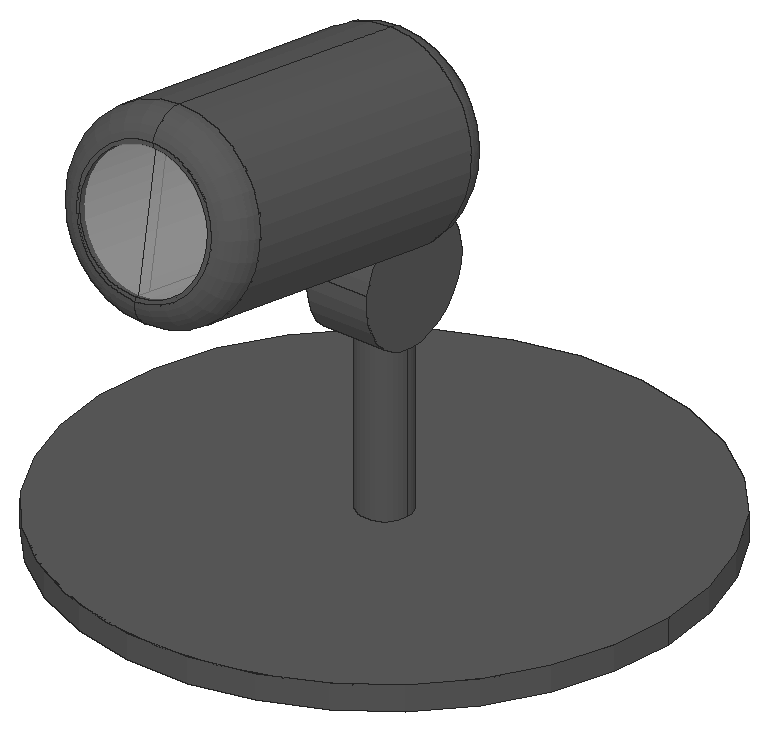
Revit family "EVO-Single", category Lighting Fixtures, host Face, Revit 2021
Family settings
  Host = Face
  Round Connector Dimension = Use Diameter
  Part Type = Normal
  OmniClass Number = 23.80.70.14.14
  OmniClass Title = Exterior Floodlights
  Cut with Voids When Loaded = No
  Light Source = No
  Shared = No
  Room Calculation Point = No
Parameters (values of type "EVO - Black")
  zz Angle1 = if(Tilt Angle < 10.00°, 10.00°, if(Tilt Angle > 140.00°, 140.00°, Tilt Angle))  # 10.00°
  Wattage Comments = "3"
  Voltage = 120 V
  URL = "https://www.currentlighting.com/dual-lite"
  Total Input Wattage = 3 W
  Tilt Angle = 10.00°
  Photometric Web = EVO Photometry : EVO
  Material Finish = Paint - Black
  Product Page URL = ""
  Product Documentation Link = ""
  Model = "EVO"  # constant formula
  Manufacturer = "Dual-lite"  # constant formula
  Load Classification = Lighting
  Lamp = "LED"
  Description = "Outdoor LED Remote"  # constant formula
  Default Elevation = 48.000"
  Apparent Load = 3 VA
Types (2): name | Material Finish
  EVO - Black | Paint - Black
  EVO - White | Paint - White
Reference planes (in)
  plane 1 "Center (Front/Back)": y = 0
  plane 2: z = 0
  plane 3 "Center (Left/Right)": x = 0
  plane 4: z = 2
  plane 5: y = 1.75
  plane 6: y = -1.75
  plane 7: x = 1.75
  plane 8: x = -1.75
  plane 9: z = 0.2
Forms (in)
  Extrusion 1, solid, material "Paint - Black" <- "Material Finish"
    sketch origin (0, 0, 0) x (1, 0, 0) y (0, 1, 0)
      loop
        spline (-2.4, 0) -> (-2.31822, -0.62117) -> (-2.07846, -1.2) -> (-1.69706, -1.69706) -> (-1.2, -2.07846) -> (-0.62117, -2.31822) -> (0, -2.4) -> (0.62117, -2.31822) -> (1.2, -2.07846) -> (1.69706, -1.69706) -> (2.07846, -1.2) -> (2.31822, -0.62117) -> (2.4, 0)
        spline (2.4, 0) -> (2.31822, 0.62117) -> (2.07846, 1.2) -> (1.69706, 1.69706) -> (1.2, 2.07846) -> (0.62117, 2.31822) -> (0, 2.4) -> (-0.62117, 2.31822) -> (-1.2, 2.07846) -> (-1.69706, 1.69706) -> (-2.07846, 1.2) -> (-2.31822, 0.62117) -> (-2.4, 0)
    from 0 to 0.2
  Revolve 2, solid, material "Paint - Black" <- "Material Finish"
    sketch origin (0, 0, 0) x (1, 0, 0) y (0, 0, 1)
      loop
        line (0, 0.2) -> (0.2, 0.2) -> (0.2, 2) -> (0, 2) -> (0, 0.2)
      axis (0, 2) -> (0, 0.2)
    angle from 0 to 360
Dimensions and locks (in)
  equal spacing: plane 6, plane 1 "Center (Front/Back)", plane 5
  plane 5 to plane 6 = 3.500"
  plane 8 to plane 7 = 3.500"
  locked: plane 9 to plane 2 at 0.2
  locked: plane 4 to plane 2 at 2
  locked: Revolve 2 sketch curve to Revolve 2 sketch curve at 0.2
  "zz Angle1": angle plane 4 to nested 1
  aligned and locked: plane 2 to host face
  aligned and locked: level to host face
  aligned and locked: plane 9 to Extrusion 1
  aligned and locked: plane 3 "Center (Left/Right)" to nested 1
  aligned and locked: Extrusion 1 to plane 2
  aligned and locked: plane 4 to Revolve 2
  aligned and locked: plane 9 to Revolve 2
  aligned and locked: nested 2 to nested 1
  aligned and locked: nested 2 to plane 3 "Center (Left/Right)"
  aligned and locked: plane 4 to nested 1
  aligned and locked: plane 1 "Center (Front/Back)" to nested 1
Automatic sketch dimensions
  host sketch curve to host sketch curve = 96.000"  (x2)
  plane 1 "Center (Front/Back)" to Extrusion 1 sketch curve = 0.000"
  Extrusion 1 sketch curve to plane 3 "Center (Left/Right)" = 0.000"
  plane 8 to Extrusion 1 sketch curve = 0.650"
  Revolve 2 sketch curve to plane 3 "Center (Left/Right)" = 0.000"  (x2)
  Revolve 2 sketch curve to plane 9 = 0.000"
  Revolve 2 sketch curve to plane 4 = 0.000"
  Revolve 2 sketch curve to level = 24.000"
  Revolve 2 sketch curve to Revolve 2 sketch curve = 99.71882"
Nested families (in)
  nested 1: "EVO Model" at (0, 0, 2) x (0, 0.9848, -0.1736) z (1, 0, 0), type "Black"
  nested 2: "EVO Photometry" at (-0.23896, -2.48526, 3.49425) x (-1, 0, 0) z (0, -0.9848, 0.1736), type "EVO"
Connectors (in)
  electrical at (0, 0, 0), driven by "Voltage", driven by "Apparent Load", driven by "Load Classification"
    settings: on Extrusion 1, index 1, voltage 120 V, apparent load 3 VA, apparent load phase1 0 VA, apparent load phase2 0 VA, apparent load phase3 0 VA, power factor 1, load classification "Lighting", number of poles 1, system type 30, power factor state 1, is connector primary yes, connector utility no, sub classification motor no, connector description "Lighting Connector"
Definition of nested family "EVO Model"
  Parameters
    URL = ""
    Product Page URL = ""
    Product Documentation Link = ""
    Manufacturer Phone = ""
    Manufacturer Fax = ""
    Manufacturer = ""
    Lens = none
    Finish = none
    Default Elevation = 48.000"
  Reference planes (in)
    plane 1 "Center (Front/Back)": y = 0
    plane 2: z = 0
    plane 3 "Center (Left/Right)": x = 0
    plane 4: z = 5.6
    plane 5: z = 5.1
    plane 6: z = 11.8
    plane 7: y = 2
    plane 8: x = -2.75
    plane 9: y = 1
    plane 10: z = 0.25
    plane 11: z = -0.25
    plane 12: z = 0
    plane 13: through (0, 0, 48) normal (0.766, -0.6428, 0)
  Forms (in)
    Revolve 1, solid, material <- "Finish"
      sketch origin (2.09375, -0.25, 0) x (1, 0, 0) y (0, 1, 0)
        loop
          line (-4.59375, 0.46754) -> (-2.34375, 0.46754)
          arc (-2.34375, 0.46754) -> (-2.16697, 0.54077) -> (-2.09375, 0.71754) r 0.25
          line (-2.09375, 0.71754) -> (-2.09375, 1.25) -> (-2.41454, 1.25) -> (-2.41454, 0.71754) -> (-4.84375, 0.71754) -> (-4.84375, 0.68619)
          arc (-4.84375, 0.68619) -> (-4.75981, 0.52992) -> (-4.59375, 0.46754) r 0.25225
        axis (-4.84375, 1.25) -> (-2.09375, 1.25)
      angle from 0 to 360
    Extrusion 2, solid, material <- "Finish"
      sketch origin (0, 0, 0) x (1, 0, 0) y (0, 1, 0)
        loop
          circle (0, 0) r 0.5
      from -0.25 to 0.25
    Revolve 3, solid, material <- "Lens"
      sketch origin (0, 0, 0) x (1, 0, 0) y (0, 1, 0)
        loop
          line (-2.70698, 1) -> (-2.70698, 0.45552) -> (-2.58891, 0.45552) -> (-2.58891, 1) -> (-2.70698, 1)
        axis (-2.70698, 1) -> (-2.58891, 1)
      angle from 0 to 360
  Cuts and joins
    joined: Revolve 1, Extrusion 2
  Lines and regions (in)
    reference lines
      curve 1: line (0, 0, 0) -> (0, 2.5, 0)
  Dimensions and locks (in)
    locked: plane 4 to plane 5 at 0.5
    plane 6 to plane 5 = 6.700"
    equal spacing: plane 7, plane 9, plane 1 "Center (Front/Back)"
    plane 7 to plane 1 "Center (Front/Back)" = 2.000"
    aligned and locked: plane 11 to Extrusion 2
    aligned and locked: plane 10 to Extrusion 2
    aligned and locked: Revolve 1 sketch curve to plane 9
    aligned and locked: Revolve 3 sketch curve to plane 9
  Automatic sketch dimensions
    curve 1 to plane 3 "Center (Left/Right)" = 0.000"
    plane 1 "Center (Front/Back)" to curve 1 = 0.000"
    plane 7 to curve 1 = 0.500"
    Revolve 3 sketch curve to plane 9 = 0.000"
    plane 8 to Revolve 3 sketch curve = 0.41481"
    Revolve 3 sketch curve to plane 8 = 0.04302"
    Revolve 3 sketch curve to Revolve 3 sketch curve = 0.11807"
    Revolve 3 sketch curve to Revolve 3 sketch curve = 0.67411"
    Revolve 3 sketch curve to plane 1 "Center (Front/Back)" = 0.45552"
    plane 1 "Center (Front/Back)" to Extrusion 2 sketch curve = 0.000"
    Extrusion 2 sketch curve to plane 3 "Center (Left/Right)" = 0.000"
    Revolve 1 sketch curve to plane 8 = 0.000"
    Revolve 1 sketch curve to plane 9 = 0.000"
    Revolve 1 sketch curve to plane 3 "Center (Left/Right)" = 0.000"
    plane 8 to Revolve 1 sketch curve = 10.00226"
    Revolve 1 sketch curve to plane 8 = 0.250"
    Revolve 1 sketch curve to Revolve 1 sketch curve = 0.32079"
    Revolve 1 sketch curve to Revolve 1 sketch curve = 0.07079"
    plane 3 "Center (Left/Right)" to Revolve 1 sketch curve = 10.97206"
    Revolve 1 sketch curve to plane 1 "Center (Front/Back)" = 0.46979"
    Revolve 1 sketch curve to Revolve 1 sketch curve = 0.00225"
    Revolve 1 sketch curve to Revolve 1 sketch curve = 0.03135"
    radius of Extrusion 2 sketch curve = 0.500"
Definition of nested family "EVO Photometry"
  Parameters
    Wattage Comments = ""
    Wattage = 3 W
    built-in parameter 1150110 = 1 (stored number, unit not read)
    Voltage = 6 V
    URL = ""
    built-in parameter 1114217 = 1 (stored number, unit not read)
    Tilt Angle = 90.00°  # constant formula
    built-in parameter 1150109 = 1 (stored number, unit not read)
    built-in parameter 1150134 = 3
    built-in parameter 1150113 = 1 (stored number, unit not read)
    Product Page URL = ""
    Product Documentation Link = ""
    Photometric Web File = "evo.ies"
    Model = ""
    Manufacturer Phone = ""
    Manufacturer Fax = ""
    Manufacturer = ""
    built-in parameter 1150105 = 19.397 (stored number, unit not read)
    Lumens = 243.75 lm
    built-in parameter 1150115 = 1 (stored number, unit not read)
    built-in parameter 1150137 = (empty or 0)
    built-in parameter 1150139 = (empty or 0)
    built-in parameter 1150112 = 1 (stored number, unit not read)
    built-in parameter 1150114 = 1 (stored number, unit not read)
    Lamp = ""
    built-in parameter 1150132 = 1
    built-in parameter 1150102 = (empty or 0)
    built-in parameter 1150107 = 3200 (stored number, unit not read)
    built-in parameter 1150138 = (empty or 0)
    built-in parameter 1150106 = 0.19397 (stored number, unit not read)
    Emit from Circle Diameter = 1.000"  # constant formula
    Emit Shape Visible in Rendering = no
    built-in parameter 1150104 = 7.5484 (stored number, unit not read)
    Dimming Lamp Color Temperature Shift = (empty or 0)
    Description = ""
    Default Elevation = 48.000"
    Color Filter = 16777215
    built-in parameter 1114218 = 1 (stored number, unit not read)
    built-in parameter 1150133 = 10 (stored number, unit not read)
    Apparent Load = 3 VA
  Reference planes (in)
    plane 1 "Center (Front/Back)": y = 0.03999
    plane 2: z = 0
    plane 3 "Center (Left/Right)": x = -0.23896
  Forms (in)
    Extrusion 1, solid
      sketch origin (0, 0, 0.06357) x (1, 0, 0) y (0, 1, 0)
        loop
          line (-48, 48) -> (-48, -48) -> (48, -48) -> (48, 48) -> (-48, 48)
      from -0.06357 to -17.74365
  Lines and regions (in)
    reference lines
      curve 1: line (-0.23896, 0.03999, 18.11448) -> (-0.23896, 0.03999, -22.88552)
      curve 2: line (-0.23896, 0.03999, 34) -> (-0.23896, 0.03999, -22.88552)
  Dimensions and locks (in)
    aligned and locked: plane 2 to Extrusion 1
    aligned and locked: level to Extrusion 1
    aligned and locked: curve 1 to plane 3 "Center (Left/Right)"
    aligned and locked: plane 1 "Center (Front/Back)" to curve 2
    aligned and locked: imposter light to plane 1 "Center (Front/Back)"
